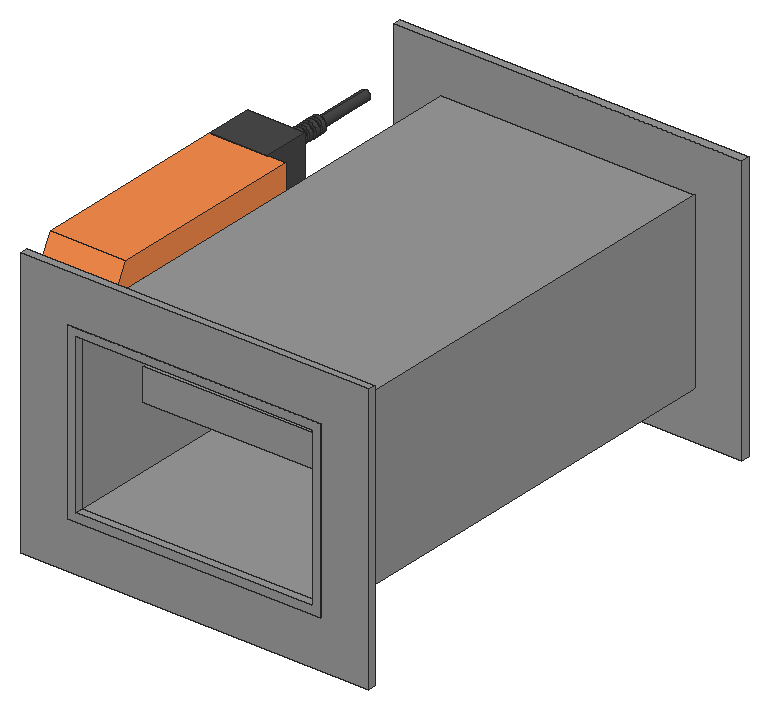
Revit family "Канальный прямоугольный SVK1-НО-ЕI60-C-MS220-0-Kb 24.02.26", category Арматура воздуховодов, Revit 2022
Family settings
  Размер круглого соединителя = Использовать диаметр
  Тип детали = Вставляется
  На основе рабочей плоскости = Нет
  Всегда вертикально = Нет
  При загрузке вырезать с полостями = Нет
  Общий = Да
Parameters (values of type "SVK1-НО-ЕI60-C-150x100-GO-H-MSR220-0-Kb")
  Ширина = 150 mm
  Число створок = 1
  Толщина заслонки = 20 mm  # constant formula
  Скорость воздуха в живом сечении = ADSK_Расход воздуха / Площадь живого сечения  # 45.0 m/s
  Скорость в канале = ADSK_Расход воздуха / Высота / Ширина  # 3.0 m/s
  Площадь живого сечения = 0.001 m²  # constant formula
  Привод внутри/снаружи [instance] = yes
  Привод 1 = Красный типовой
  Плотность воздуха = 1.2000 kg/m³  # constant formula
  Отметка по умолчанию = 0 mm
  Ось движка = 102.5 mm  # constant formula
  Материал = Сталь AISI 5210 517, горячекатаная
  КМС = 0  # 0.000
  З/2 = Высота / 2 / Число створок  # 50 mm
  Длина = 300 mm
  Высота привода = 123 mm  # constant formula
  Высота = 100 mm
  Вылет заслонки [instance] = yes
  Вылет Х = 103 mm  # constant formula
  Hed = Ширина + 123 mm  # 273 mm
  ADSK_Ток = 0.030 A  # constant formula
  ADSK_Расход воздуха = 162.0 m³/h
  ADSK_Примечание [instance] = ""
  ADSK_Предел огнестойкости = "60"  # constant formula
  ADSK_Потеря давления воздуха = КМС * ((Скорость в канале * Скорость в канале * Плотность воздуха) / 2)  # 0.0 Pa
  ADSK_Полная мощность = ADSK_Напряжение * ADSK_Ток  # 6.6 VA
  ADSK_Позиция на схеме [instance] = ""
  ADSK_Позиция [instance] = ""
  ADSK_Обозначение = "SVK1-НО-ЕI60-C"
  ADSK_Номинальная мощность = 5 W  # constant formula
  ADSK_Номер стояка [instance] = ""
  ADSK_Напряжение = 220 V  # constant formula
  ADSK_Наименование краткое = "SVK1-НО-ЕI60-C-150x100"
  ADSK_Наименование = "SVK1-НО-ЕI60-C-150x100-GO-H-MSR220-0-Kb"
  ADSK_Материал обозначение = "Противопожарный нормально закрытый канальный клапан прямоугольного сечения"  # constant formula
  ADSK_Материал наименование = ""
  ADSK_Масса_Текст = "1"
  ADSK_Масса = 0
  ADSK_Марка = "SVK1-НО-ЕI60-C"  # constant formula
  ADSK_Коэффициент мощности = 1
  ADSK_Количество фаз числовое = 1  # constant formula
  ADSK_Количество фаз = 1  # constant formula
  ADSK_Количество = 1  # constant formula
  ADSK_Код изделия = "SVK1-НО-ЕI60-C"  # constant formula
  ADSK_Классификация нагрузок = ОВК
  ADSK_Завод-изготовитель = "WAER"  # constant formula
  ADSK_Единица измерения = "шт."  # constant formula
  ADSK_URL страницы изделия = ""
  ADSK_URL документации изделия = ""
Reference planes
  plane 1 "По центру (Вперед/Назад)": y = 0
  plane 2: z = 0
  plane 3 "По центру (Влево/Вправо)": x = 0
  plane 4: x = -75
  plane 5: y = -150
  plane 6: x = 75
  plane 7: y = 150
  plane 8: z = 50
  plane 9: z = -50
  plane 10: x = -110
  plane 11: x = 110
  plane 12: z = 85
  plane 13: z = -85
  plane 14: y = 145
  plane 15: y = -145
  plane 16: x = -80
  plane 17: z = -55
  plane 18: x = 80
  plane 19: z = 55
  plane 20 "Заслонка Х": y = -97.5
  plane 21: y = -47.5
  plane 22 "Заслонка Х1": y = 2.5
  plane 23: x = -163
  plane 24: x = -114
  plane 25: z = 10
  plane 26: z = -10
Forms (mm)
  Extrusion 1, solid, material "Сталь AISI 5210 517, горячекатаная" <- "Материал", detail levels medium+fine
    sketch origin (0, 0, 0) x (1, 0, 0) y (0, 0, 1)
      loop
        line (-75, 50) -> (-75, -50) -> (75, -50) -> (75, 50) -> (-75, 50)
      loop
        line (-80, 55) -> (-80, -55) -> (80, -55) -> (80, 55) -> (-80, 55)
    from -150 to 150
  Extrusion 2, solid, material "Сталь AISI 5210 517, горячекатаная" <- "Материал", detail levels fine
    sketch origin (0, 0, 0) x (1, 0, 0) y (0, 0, 1)
      loop
        line (-110, 85) -> (-110, -85) -> (110, -85) -> (110, 85) -> (-110, 85)
      loop
        line (-75, 50) -> (-75, -50) -> (75, -50) -> (75, 50) -> (-75, 50)
    from 145 to 150
  Extrusion 3, solid, material "Сталь AISI 5210 517, горячекатаная" <- "Материал", detail levels fine
    sketch origin (0, 0, 0) x (1, 0, 0) y (0, 0, 1)
      loop
        line (-110, 85) -> (-110, -85) -> (110, -85) -> (110, 85) -> (-110, 85)
      loop
        line (-75, 50) -> (-75, -50) -> (75, -50) -> (75, 50) -> (-75, 50)
    from -150 to -145
  Extrusion 4, solid, material "Сталь AISI 5210 517, горячекатаная" <- "Материал", visible <- "Вылет заслонки", detail levels medium+fine
    sketch origin (0, 0, 0) x (1, 0, 0) y (0, 0, 1)
      loop
        line (-75, 10) -> (-75, -10) -> (75, -10) -> (75, 10) -> (-75, 10)
    from -2.5 to 97.5
  Extrusion 5, solid, material "Сталь AISI 5210 517, горячекатаная" <- "Материал", visible <- "Привод внутри/снаружи", detail levels medium+fine
    sketch origin (0, 0, 0) x (0, 1, 0) y (0, 0, 1)
      loop
        circle (-47.5, 0) r 25
    from -75 to -114
Dimensions and locks
  equal spacing: plane 4, plane 3 "По центру (Влево/Вправо)", plane 6
  equal spacing: plane 7, plane 1 "По центру (Вперед/Назад)", plane 5
  "Длина": plane 7 to plane 5
  equal spacing: plane 8, level, plane 9
  "Высота": plane 8 to plane 9
  "Ширина": plane 6 to plane 4
  equal spacing: plane 11, plane 3 "По центру (Влево/Вправо)", plane 10
  plane 11 to plane 6 = 35 mm
  equal spacing: plane 12, level, plane 13
  plane 12 to plane 8 = 35 mm
  equal spacing: plane 14, plane 1 "По центру (Вперед/Назад)", plane 15
  plane 15 to plane 5 = 5 mm
  plane 19 to plane 8 = 5 mm
  plane 9 to plane 17 = 5 mm
  plane 4 to plane 16 = 5 mm
  plane 18 to plane 6 = 5 mm
  "Ось движка": plane 21 to plane 5
  equal spacing: plane 22 "Заслонка Х1", plane 21, plane 20 "Заслонка Х"
  "З/2": plane 21 to plane 20 "Заслонка Х"
  "Hed": plane 11 to plane 23
  plane 24 to plane 23 = 49 mm
  equal spacing: plane 25, level, plane 26
  "Толщина заслонки": plane 25 to plane 26
  locked: plane 24 to nested 2
  plane 7 to plane 22 "Заслонка Х1" = 147.5 mm
  plane 20 "Заслонка Х" to plane 5 = 52.5 mm
  aligned and locked: level to plane 2
  aligned and locked: Extrusion 1 sketch curve to plane 8
  aligned and locked: plane 4 to Extrusion 1 sketch curve
  aligned and locked: plane 9 to Extrusion 1 sketch curve
  aligned and locked: Extrusion 1 sketch curve to plane 6
  aligned and locked: plane 7 to Extrusion 1
  aligned and locked: Extrusion 1 to plane 5
  aligned and locked: Extrusion 2 sketch curve to plane 12
  aligned and locked: plane 10 to Extrusion 2 sketch curve
  aligned and locked: plane 13 to Extrusion 2 sketch curve
  aligned and locked: Extrusion 2 sketch curve to plane 11
  aligned and locked: Extrusion 2 to plane 5
  aligned and locked: plane 15 to Extrusion 2
  aligned and locked: Extrusion 3 sketch curve to plane 11
  aligned and locked: plane 13 to Extrusion 3 sketch curve
  aligned and locked: plane 10 to Extrusion 3 sketch curve
  aligned and locked: Extrusion 3 sketch curve to plane 12
  aligned and locked: plane 7 to Extrusion 3
  aligned and locked: Extrusion 3 to plane 14
  aligned and locked: plane 4 to Extrusion 2 sketch curve
  aligned and locked: Extrusion 2 sketch curve to plane 8
  aligned and locked: Extrusion 2 sketch curve to plane 6
  aligned and locked: plane 9 to Extrusion 2 sketch curve
  aligned and locked: plane 19 to Extrusion 1 sketch curve
  aligned and locked: plane 17 to Extrusion 1 sketch curve
  aligned and locked: plane 16 to Extrusion 1 sketch curve
  aligned and locked: Extrusion 1 sketch curve to plane 18
  aligned and locked: Extrusion 3 sketch curve to plane 8
  aligned and locked: plane 4 to Extrusion 3 sketch curve
  aligned and locked: plane 9 to Extrusion 3 sketch curve
  aligned and locked: Extrusion 3 sketch curve to plane 6
  aligned and locked: plane 3 "По центру (Влево/Вправо)" to nested 1
  aligned and locked: plane 1 "По центру (Вперед/Назад)" to nested 1
  aligned and locked: Extrusion 4 to plane 20 "Заслонка Х"
  aligned and locked: plane 22 "Заслонка Х1" to Extrusion 4
  aligned and locked: plane 4 to Extrusion 4 sketch curve
  aligned and locked: Extrusion 4 sketch curve to plane 6
  aligned and locked: Extrusion 4 sketch curve to plane 25
  aligned and locked: plane 26 to Extrusion 4 sketch curve
  aligned and locked: plane 21 to Extrusion 5 sketch curve
  aligned and locked: level to Extrusion 5 sketch curve
  aligned and locked: Extrusion 5 to plane 24
  aligned and locked: plane 4 to Extrusion 5
  aligned and locked: plane 21 to nested 2
Automatic sketch dimensions
  radius of Extrusion 5 sketch curve = 25 mm
Nested families
  nested 1: "УГО Дымовой и противопожарный клапан" at (0, 0, 0), type "УГО Дымовой и противопожарный клапан", detail levels coarse
  nested 2: "Электропривод_верт_90" at (-174, -47.5, 0) x (0, 1, 0) z (0, 0, 1), visible <- "Привод внутри/снаружи", type "MS220", detail levels medium+fine
    with ADSK_Примечание "", ADSK_Позиция ""
Connectors
  hvac at (0, -150, 0), driven by "Высота", driven by "Ширина", driven by "ADSK_Расход воздуха", driven by "ADSK_Потеря давления воздуха"
    settings: on Extrusion 1, index 1, duct flow 162.0 m³/h, flow factor 0, pres drop 0.0 Pa, loss coef 0, conn angle 0.00°, conn width 150 mm, conn height 100 mm, conn diameter 609.6 mm, duct sys type 29, conn prof type 1, flow config 0, flow direction 0, loss method 4, conn ref index 2, conn util no, is conn primary yes, conn desc ""
  hvac at (0, 150, 0), driven by "Высота", driven by "Ширина", driven by "ADSK_Расход воздуха", driven by "ADSK_Потеря давления воздуха"
    settings: on Extrusion 1, index 2, duct flow 162.0 m³/h, flow factor 0, pres drop 0.0 Pa, loss coef 0, conn angle 0.00°, conn width 150 mm, conn height 100 mm, conn diameter 609.6 mm, duct sys type 29, conn prof type 1, flow config 0, flow direction 0, loss method 4, conn ref index 1, conn util no, is conn primary no, conn desc ""
  electrical at (-144, 115.058, -24.076)
    settings: on nested 2, index 3, voltage 0 V, apparent load 0 VA, apparent load phase1 0 VA, apparent load phase2 0 VA, apparent load phase3 0 VA, power factor 1, load classification "Прочее", number of poles 1, system type 13, power factor state 1, is connector primary yes, connector utility no, sub classification motor no, connector description ""
Definition of nested family "Электропривод_верт_90"
  Parameters (values of type "BFL230")
    Ширина центра = 50 mm
    Соединение = "1 м, 2 × 0,75 мм2"
    Default Elevation = 0 mm
    Description = "с пружинным возвратом/конденсатором"  # constant formula
    Межосевое подключение = 48 mm
    Корпус_x = none
    Клеммы = none
    Звездочка = Высота + 1 mm  # 49 mm
    Длина корпуса = 160 mm
    ГШ = 80 mm
    Высота = 48 mm
    Выс подкл = Высота - 18 mm  # 30 mm
    ADSK_Ток = 4.000 A
    ADSK_Примечание [instance] = ""
    ADSK_Предел огнестойкости = ""
    ADSK_Полная мощность = 6.5 VA
    ADSK_Позиция [instance] = ""
    ADSK_Обозначение = ""
    ADSK_Номинальная мощность = 3 W
    ADSK_Напряжение = 230 V
    ADSK_Наименование краткое = ""
    ADSK_Наименование = ""
    ADSK_Материал обозначение = ""
    ADSK_Материал наименование = ""
    ADSK_Масса_Текст = "1,1 кг"
    ADSK_Масса = 1.1  # constant formula
    ADSK_Марка = "BFL24"  # constant formula
    ADSK_Коэффициент мощности = 1
    ADSK_Количество фаз числовое = 1
    ADSK_Количество фаз = 1
    ADSK_Количество = 1  # constant formula
    ADSK_Код изделия = "BFL24"  # constant formula
    ADSK_Классификация нагрузок = none
    ADSK_Завод-изготовитель = "BELIMO"  # constant formula
    ADSK_Единица измерения = "шт."  # constant formula
    ADSK_URL страницы изделия = ""
    ADSK_URL документации изделия = ""
  Types (2, lengths in mm): name | ADSK_Ток | ADSK_Полная мощность | ADSK_Номинальная мощность | ADSK_Напряжение
    BFL230 | 4.000 A | 6.5 VA | 3 W | 230 V
    BFL24 | 8.300 A | 4 VA | 2.5 W | 24 V
  Reference planes
    plane 1 "По центру (Вперед/Назад)": y = 0
    plane 2: z = 0
    plane 3 "По центру (Влево/Вправо)": x = 0
    plane 4: x = -22.439
    plane 5: x = 137.561
    plane 6: z = -40.076
    plane 7: z = 39.924
    plane 8: z = -25.076
    plane 9: z = 24.924
    plane 10: x = 112.561
    plane 11: z = -40.076
    plane 12: z = 39.924
    plane 13: x = 142.561
    plane 14: y = -48
    plane 15: x = -24
    plane 16: x = 24
    plane 17: x = 212.561
    plane 18: x = 157.561
    plane 19: x = 177.561
    plane 20: x = 212.561
    plane 21: x = 157.561
    plane 22: x = 177.561
    plane 23: y = -30
  Forms (mm)
    Extrusion 1, solid, material <- "Корпус_x", detail levels medium+fine
      sketch origin (-0.439, -60, -0.076) x (0, 0, 1) y (1, 0, 0)
        loop
          line (-25, -22) -> (25, -22) -> (40, -13.34) -> (40, 113) -> (10, 113) -> (10, 138) -> (-10, 138) -> (-10, 113) -> (-40, 113) -> (-40, -13.34) -> (-25, -22)
      from 0 to 48 <- "Высота"
    Extrusion 2, solid, material <- "Клеммы", detail levels medium+fine
      sketch origin (-0.439, -60, -0.076) x (0, 0, 1) y (1, 0, 0)
        loop
          line (-40, 143) -> (-40, 113) -> (-10, 113) -> (-10, 143) -> (-40, 143)
        loop
          line (10, 143) -> (10, 113) -> (40, 113) -> (40, 143) -> (10, 143)
      from 12 to 48
    Extrusion 3, solid, material <- "Клеммы", detail levels fine
      sketch origin (-0.439, -60, -0.076) x (0, 0, 1) y (1, 0, 0)
        loop
          circle (0, 0) r 20
        loop
          circle (0, 0) r 15
        loop
          line (10.43, -6.022) -> (10.43, 6.022) -> (0, 12.043) -> (-10.43, 6.022) -> (-10.43, -6.022) -> (0, -12.043) -> (10.43, -6.022)
      from 48 <- "Высота" to 49 <- "Звездочка"
    Revolve 4, solid, material <- "Клеммы", detail levels fine
      sketch origin (-1524.439, -30, -101.97) x (0, 0, -1) y (-1, 0, 0)
        loop
          line (-77.895, -1667) -> (-77.895, -1737) -> (-74.82, -1737) -> (-74.82, -1702) -> (-72.813, -1699.633) -> (-72.813, -1697.089) -> (-74.82, -1697.089) -> (-74.82, -1694.582) -> (-72.813, -1694.582) -> (-72.813, -1692.082) -> (-74.82, -1692.082) -> (-74.82, -1689.54) -> (-72.813, -1689.54) -> (-72.813, -1686.997) -> (-74.82, -1686.997) -> (-74.82, -1684.455) -> (-72.813, -1684.455) -> (-72.813, -1682) -> (-70.754, -1669.002)
          arc (-70.754, -1669.002) -> (-69.64, -1667.55) -> (-67.895, -1667) r 3.043
          line (-67.895, -1667) -> (-77.895, -1667)
        axis (-77.895, -1737) -> (-77.895, -1667)
      angle from 0 to 360
    Revolve 5, solid, material <- "Клеммы", detail levels fine
      sketch origin (-1524.439, -30, -101.97) x (0, 0, -1) y (-1, 0, 0)
        loop
          line (-125.895, -1667) -> (-125.895, -1737) -> (-122.82, -1737) -> (-122.82, -1702) -> (-120.813, -1699.633) -> (-120.813, -1697.089) -> (-122.82, -1697.089) -> (-122.82, -1694.582) -> (-120.813, -1694.582) -> (-120.813, -1692.082) -> (-122.82, -1692.082) -> (-122.82, -1689.54) -> (-120.813, -1689.54) -> (-120.813, -1686.997) -> (-122.82, -1686.997) -> (-122.82, -1684.455) -> (-120.813, -1684.455) -> (-120.813, -1682) -> (-118.754, -1669.002)
          arc (-118.754, -1669.002) -> (-117.64, -1667.55) -> (-115.895, -1667) r 3.043
          line (-115.895, -1667) -> (-125.895, -1667)
        axis (-125.895, -1737) -> (-125.895, -1667)
      angle from 0 to 360
  Dimensions and locks
    "Длина корпуса": plane 5 to plane 4
    plane 6 to plane 7 = 80 mm
    "ГШ": plane 6 to plane 7
    plane 8 to plane 9 = 50 mm
    "Ширина центра": plane 8 to plane 9
    plane 5 to plane 10 = 25 mm
    plane 13 to Extrusion 1 = 30 mm
    plane 11 to plane 12 = 80 mm
    "ГШ": plane 11 to plane 12
    Extrusion 1 to plane 14 = 36 mm
    equal spacing: plane 15, plane 3 "По центру (Влево/Вправо)", plane 16
    "Межосевое подключение": plane 15 to plane 16
    plane 17 to Extrusion 2 = 70 mm
    Extrusion 1 to plane 18 = 180 mm
    plane 17 to plane 19 = 35 mm
    plane 20 to plane 22 = 35 mm
    "Выс подкл": plane 1 "По центру (Вперед/Назад)" to plane 23
    angle plane 4 to Extrusion 1 sketch curve = 30.00°
    angle Extrusion 1 sketch curve to plane 4 = 30.00°
    aligned and locked: level to plane 2
    aligned and locked: Extrusion 1 sketch curve to plane 4
    aligned and locked: plane 7 to Extrusion 1 sketch curve  (x2)
    aligned and locked: plane 6 to Extrusion 1 sketch curve  (x2)
    aligned and locked: Extrusion 1 sketch curve to plane 10
    aligned and locked: plane 10 to Extrusion 1 sketch curve  (x3)
    aligned and locked: plane 5 to Extrusion 1 sketch curve  (x2)
    aligned and locked: Extrusion 2 sketch curve to plane 13  (x2)
    aligned and locked: plane 11 to Extrusion 2 sketch curve
    aligned and locked: Extrusion 2 sketch curve to Extrusion 1  (x2)
    aligned and locked: Extrusion 2 sketch curve to plane 12
    aligned and locked: Extrusion 2 to plane 14
    aligned and locked: Extrusion 1 to Extrusion 2
    aligned and locked: Extrusion 2 to Revolve 4 sketch curve
    aligned and locked: Revolve 4 sketch curve to plane 17
    aligned and locked: plane 19 to Revolve 4 sketch curve
    aligned and locked: plane 18 to Revolve 4 sketch curve
    aligned and locked: Revolve 5 sketch curve to plane 20
    aligned and locked: plane 22 to Revolve 5 sketch curve
    aligned and locked: plane 21 to Revolve 5 sketch curve
  Automatic sketch dimensions
    Extrusion 3 sketch curve to Extrusion 3 sketch curve = 0 mm  (x2)
    Extrusion 3 sketch curve to level = 10.505 mm
    Extrusion 3 sketch curve to level = 0.076 mm  (x3)
    level to Extrusion 3 sketch curve = 10.354 mm
    plane 15 to Extrusion 3 sketch curve = 11.518 mm
    Extrusion 3 sketch curve to Extrusion 3 sketch curve = 6.022 mm  (x5)
    Extrusion 3 sketch curve to Extrusion 3 sketch curve = 12.043 mm
    Revolve 4 sketch curve to level = 24.076 mm  (x2)
    Revolve 4 sketch curve to Revolve 4 sketch curve = 3.075 mm
    plane 18 to Revolve 4 sketch curve = 2.455 mm
    Revolve 4 sketch curve to Revolve 4 sketch curve = 0 mm  (x3)
    plane 15 to Revolve 4 sketch curve = 189.101 mm
    Revolve 4 sketch curve to Revolve 4 sketch curve = 2.007 mm  (x4)
    Revolve 4 sketch curve to plane 18 = 12.998 mm
    Revolve 4 sketch curve to Revolve 4 sketch curve = 7.141 mm
    Revolve 4 sketch curve to Revolve 4 sketch curve = 2.859 mm
    Revolve 4 sketch curve to plane 19 = 2.367 mm
    Revolve 4 sketch curve to Revolve 4 sketch curve = 2.544 mm
    Revolve 4 sketch curve to Revolve 4 sketch curve = 2.507 mm
    Revolve 4 sketch curve to Revolve 4 sketch curve = 2.5 mm
    plane 15 to Revolve 4 sketch curve = 186.558 mm
    plane 16 to Revolve 4 sketch curve = 198.683 mm
    Revolve 4 sketch curve to Revolve 4 sketch curve = 41.798 mm
    Revolve 5 sketch curve to plane 21 = 15 mm
    level to Revolve 5 sketch curve = 23.924 mm  (x2)
    Revolve 5 sketch curve to Revolve 5 sketch curve = 3.075 mm
    plane 21 to Revolve 5 sketch curve = 2.455 mm
    Revolve 5 sketch curve to Revolve 5 sketch curve = 0 mm  (x3)
    plane 15 to Revolve 5 sketch curve = 189.101 mm
    Revolve 5 sketch curve to Revolve 5 sketch curve = 2.007 mm  (x4)
    Revolve 5 sketch curve to Revolve 5 sketch curve = 7.141 mm
    Revolve 5 sketch curve to Revolve 5 sketch curve = 2.859 mm
    Revolve 5 sketch curve to plane 22 = 2.367 mm
    Revolve 5 sketch curve to Revolve 5 sketch curve = 2.544 mm
    Revolve 5 sketch curve to Revolve 5 sketch curve = 2.507 mm
    Revolve 5 sketch curve to Revolve 5 sketch curve = 2.5 mm
    plane 15 to Revolve 5 sketch curve = 186.558 mm
    Revolve 5 sketch curve to Revolve 5 sketch curve = 3.043 mm
    plane 16 to Revolve 5 sketch curve = 198.683 mm
    Revolve 5 sketch curve to Revolve 5 sketch curve = 41.798 mm
    Extrusion 1 sketch curve to plane 8 = 0 mm
    Extrusion 1 sketch curve to plane 9 = 0 mm
    Extrusion 1 sketch curve to level = 10.076 mm
    level to Extrusion 1 sketch curve = 9.924 mm
    Extrusion 2 sketch curve to level = 10.076 mm
    level to Extrusion 2 sketch curve = 9.924 mm
    radius of Extrusion 3 sketch curve = 20 mm
    radius of Extrusion 3 sketch curve = 15 mm
Definition of nested family "УГО Дымовой и противопожарный клапан"
  Parameters (values of type "УГО Дымовой и противопожарный клапан")
    Ширина = 1100 mm
    Угол = atan(Высота / Ширина)  # 8.53077°
    Рад = Д / 2  # 20.625 mm
    Отступ2 = Рад / cos(Угол)  # 20.856 mm
    Отступ1 = Рад / sin(Угол)  # 139.038 mm
    Default Elevation = 0 mm
    Д = Высота * 0.25  # 41.25 mm
    Высота = 165 mm
  Reference planes
    plane 1 "По центру (Вперед/Назад)": y = 0
    plane 2: z = 0
    plane 3 "По центру (Влево/Вправо)": x = 0
    plane 4: x = -550
    plane 5: y = -82.5
    plane 6: x = 550
    plane 7: y = 82.5
    plane 8: x = 410.962
    plane 9: x = -410.962
    plane 10: y = 61.644
    plane 11: y = -61.644
  Lines and regions (mm)
    model lines
      curve 1: line (-550, 82.5, 0) -> (550, 82.5, 0)
      curve 2: line (-550, -82.5, 0) -> (-550, 82.5, 0)
      curve 3: line (550, -82.5, 0) -> (-550, -82.5, 0)
      curve 4: line (550, 82.5, 0) -> (550, -82.5, 0)
      curve 5: circle (0, 0, 0) r 20.625 normal (0, 0, 1)
      curve 6: line (-550, 82.5, 0) -> (550, -82.5, 0)
      curve 7: line (410.962, -82.5, 0) -> (-550, 61.644, 0)
      curve 8: line (550, -61.644, 0) -> (-410.962, 82.5, 0)
  Dimensions and locks
    equal spacing: plane 7, plane 1 "По центру (Вперед/Назад)", plane 5
    equal spacing: plane 4, plane 3 "По центру (Влево/Вправо)", plane 6
    "Ширина": plane 4 to plane 6
    "Высота": plane 7 to plane 5
    "Отступ1": plane 8 to plane 6
    "Отступ2": plane 7 to plane 10
    "Отступ2": plane 11 to plane 5
    "Отступ1": plane 4 to plane 9
    "Д": diameter of curve 5
    aligned and locked: level to plane 2
    aligned and locked: curve 1 to plane 7
    aligned and locked: plane 4 to curve 2
    aligned and locked: plane 5 to curve 3
    aligned and locked: curve 4 to plane 6
    aligned and locked: plane 3 "По центру (Влево/Вправо)" to curve 5
    aligned and locked: plane 1 "По центру (Вперед/Назад)" to curve 5
  Automatic sketch dimensions
    curve 8 to plane 9 = 0 mm
    curve 7 to plane 8 = 0 mm
    curve 8 to plane 11 = 0 mm
    curve 7 to plane 10 = 0 mm
Types (146, lengths in mm): name | Ширина | Число створок | Скорость воздуха в живом сечении | Скорость в канале | З/2 | Высота | Hed | ADSK_Расход воздуха | ADSK_Наименование краткое | ADSK_Наименование
  SVK1-НО-ЕI60-C-100x100-GO-H-MSR220-0-Kb | 505 | 1 | 675.0 m/s | 2.9703 m/s | 225 | 450 | 628 | 2430.0 m³/h | "SVK1-НО-ЕI60-C-500x450" | "SVK1-НО-ЕI60-C-500x450-GO-H-MSR220-0-Kb"
  SVK1-НО-ЕI60-C-150x100-GO-H-MSR220-0-Kb | 150 | 1 | 45.0 m/s | 3.0 m/s | 50 | 100 | 273 | 162.0 m³/h | "SVK1-НО-ЕI60-C-150x100" | "SVK1-НО-ЕI60-C-150x100-GO-H-MSR220-0-Kb"
  SVK1-НО-ЕI60-C-150x150-GO-H-MSR220-0-Kb | 150 | 1 | 67.5 m/s | 3.0 m/s | 75 | 150 | 273 | 243.0 m³/h | "SVK1-НО-ЕI60-C-150x150" | "SVK1-НО-ЕI60-C-150x150-GO-H-MSR220-0-Kb"
  SVK1-НО-ЕI60-C-200x100-GO-H-MSR220-0-Kb | 200 | 1 | 60.0 m/s | 3.0 m/s | 50 | 100 | 323 | 216.0 m³/h | "SVK1-НО-ЕI60-C-200x100" | "SVK1-НО-ЕI60-C-200x100-GO-H-MSR220-0-Kb"
  SVK1-НО-ЕI60-C-200x150-GO-H-MSR220-0-Kb | 200 | 1 | 90.0 m/s | 3.0 m/s | 75 | 150 | 323 | 324.0 m³/h | "SVK1-НО-ЕI60-C-200x150" | "SVK1-НО-ЕI60-C-200x150-GO-H-MSR220-0-Kb"
  SVK1-НО-ЕI60-C-200x200-GO-H-MSR220-0-Kb | 200 | 1 | 120.0 m/s | 3.0 m/s | 100 | 200 | 323 | 432.0 m³/h | "SVK1-НО-ЕI60-C-200x200" | "SVK1-НО-ЕI60-C-200x200-GO-H-MSR220-0-Kb"
  SVK1-НО-ЕI60-C-250x100-GO-H-MSR220-0-Kb | 250 | 1 | 75.0 m/s | 3.0 m/s | 50 | 100 | 373 | 270.0 m³/h | "SVK1-НО-ЕI60-C-250x100" | "SVK1-НО-ЕI60-C-250x100-GO-H-MSR220-0-Kb"
  SVK1-НО-ЕI60-C-250x150-GO-H-MSR220-0-Kb | 250 | 1 | 112.5 m/s | 3.0 m/s | 75 | 150 | 373 | 405.0 m³/h | "SVK1-НО-ЕI60-C-250x150" | "SVK1-НО-ЕI60-C-250x150-GO-H-MSR220-0-Kb"
  SVK1-НО-ЕI60-C-250x200-GO-H-MSR220-0-Kb | 250 | 1 | 150.0 m/s | 3.0 m/s | 100 | 200 | 373 | 540.0 m³/h | "SVK1-НО-ЕI60-C-250x200" | "SVK1-НО-ЕI60-C-250x200-GO-H-MSR220-0-Kb"
  SVK1-НО-ЕI60-C-250x250-GO-H-MSR220-0-Kb | 250 | 1 | 187.5 m/s | 3.0 m/s | 125 | 250 | 373 | 675.0 m³/h | "SVK1-НО-ЕI60-C-250x250" | "SVK1-НО-ЕI60-C-250x250-GO-H-MSR220-0-Kb"
  SVK1-НО-ЕI60-C-300x100-GO-H-MSR220-0-Kb | 300 | 1 | 90.0 m/s | 3.0 m/s | 50 | 100 | 423 | 324.0 m³/h | "SVK1-НО-ЕI60-C-300x100" | "SVK1-НО-ЕI60-C-300x100-GO-H-MSR220-0-Kb"
  SVK1-НО-ЕI60-C-300x150-GO-H-MSR220-0-Kb | 300 | 1 | 135.0 m/s | 3.0 m/s | 75 | 150 | 423 | 486.0 m³/h | "SVK1-НО-ЕI60-C-300x150" | "SVK1-НО-ЕI60-C-300x150-GO-H-MSR220-0-Kb"
  SVK1-НО-ЕI60-C-300x200-GO-H-MSR220-0-Kb | 300 | 1 | 180.0 m/s | 3.0 m/s | 100 | 200 | 423 | 648.0 m³/h | "SVK1-НО-ЕI60-C-300x200" | "SVK1-НО-ЕI60-C-300x200-GO-H-MSR220-0-Kb"
  SVK1-НО-ЕI60-C-300x250-GO-H-MSR220-0-Kb | 300 | 1 | 225.0 m/s | 3.0 m/s | 125 | 250 | 423 | 810.0 m³/h | "SVK1-НО-ЕI60-C-300x250" | "SVK1-НО-ЕI60-C-300x250-GO-H-MSR220-0-Kb"
  SVK1-НО-ЕI60-C-300x300-GO-H-MSR220-0-Kb | 300 | 1 | 270.0 m/s | 3.0 m/s | 150 | 300 | 423 | 972.0 m³/h | "SVK1-НО-ЕI60-C-300x300" | "SVK1-НО-ЕI60-C-300x300-GO-H-MSR220-0-Kb"
  SVK1-НО-ЕI60-C-350x150-GO-H-MSR220-0-Kb | 350 | 1 | 157.5 m/s | 3.0 m/s | 75 | 150 | 473 | 567.0 m³/h | "SVK1-НО-ЕI60-C-350x150" | "SVK1-НО-ЕI60-C-350x150-GO-H-MSR220-0-Kb"
  SVK1-НО-ЕI60-C-350x200-GO-H-MSR220-0-Kb | 350 | 1 | 210.0 m/s | 3.0 m/s | 100 | 200 | 473 | 756.0 m³/h | "SVK1-НО-ЕI60-C-350x200" | "SVK1-НО-ЕI60-C-350x200-GO-H-MSR220-0-Kb"
  SVK1-НО-ЕI60-C-350x250-GO-H-MSR220-0-Kb | 350 | 1 | 262.5 m/s | 3.0 m/s | 125 | 250 | 473 | 945.0 m³/h | "SVK1-НО-ЕI60-C-350x250" | "SVK1-НО-ЕI60-C-350x250-GO-H-MSR220-0-Kb"
  SVK1-НО-ЕI60-C-350x300-GO-H-MSR220-0-Kb | 350 | 1 | 315.0 m/s | 3.0 m/s | 150 | 300 | 473 | 1134.0 m³/h | "SVK1-НО-ЕI60-C-350x300" | "SVK1-НО-ЕI60-C-350x300-GO-H-MSR220-0-Kb"
  SVK1-НО-ЕI60-C-350x350-GO-H-MSR220-0-Kb | 350 | 1 | 367.5 m/s | 3.0 m/s | 175 | 350 | 473 | 1323.0 m³/h | "SVK1-НО-ЕI60-C-350x350" | "SVK1-НО-ЕI60-C-350x350-GO-H-MSR220-0-Kb"
  SVK1-НО-ЕI60-C-400x150-GO-H-MSR220-0-Kb | 400 | 1 | 180.0 m/s | 3.0 m/s | 75 | 150 | 523 | 648.0 m³/h | "SVK1-НО-ЕI60-C-400x150" | "SVK1-НО-ЕI60-C-400x150-GO-H-MSR220-0-Kb"
  SVK1-НО-ЕI60-C-400x200-GO-H-MSR220-0-Kb | 400 | 1 | 240.0 m/s | 3.0 m/s | 100 | 200 | 523 | 864.0 m³/h | "SVK1-НО-ЕI60-C-400x200" | "SVK1-НО-ЕI60-C-400x200-GO-H-MSR220-0-Kb"
  SVK1-НО-ЕI60-C-400x250-GO-H-MSR220-0-Kb | 400 | 1 | 300.0 m/s | 3.0 m/s | 125 | 250 | 523 | 1080.0 m³/h | "SVK1-НО-ЕI60-C-400x250" | "SVK1-НО-ЕI60-C-400x250-GO-H-MSR220-0-Kb"
  SVK1-НО-ЕI60-C-400x300-GO-H-MSR220-0-Kb | 400 | 1 | 360.0 m/s | 3.0 m/s | 150 | 300 | 523 | 1296.0 m³/h | "SVK1-НО-ЕI60-C-400x300" | "SVK1-НО-ЕI60-C-400x300-GO-H-MSR220-0-Kb"
  SVK1-НО-ЕI60-C-400x350-GO-H-MSR220-0-Kb | 400 | 1 | 420.0 m/s | 3.0 m/s | 175 | 350 | 523 | 1512.0 m³/h | "SVK1-НО-ЕI60-C-400x350" | "SVK1-НО-ЕI60-C-400x350-GO-H-MSR220-0-Kb"
  SVK1-НО-ЕI60-C-400x400-GO-H-MSR220-0-Kb | 400 | 1 | 480.0 m/s | 3.0 m/s | 200 | 400 | 523 | 1728.0 m³/h | "SVK1-НО-ЕI60-C-400x400" | "SVK1-НО-ЕI60-C-400x400-GO-H-MSR220-0-Kb"
  SVK1-НО-ЕI60-C-450x150-GO-H-MSR220-0-Kb | 450 | 1 | 202.5 m/s | 3.0 m/s | 75 | 150 | 573 | 729.0 m³/h | "SVK1-НО-ЕI60-C-450x150" | "SVK1-НО-ЕI60-C-450x150-GO-H-MSR220-0-Kb"
  SVK1-НО-ЕI60-C-450x200-GO-H-MSR220-0-Kb | 450 | 1 | 270.0 m/s | 3.0 m/s | 100 | 200 | 573 | 972.0 m³/h | "SVK1-НО-ЕI60-C-450x200" | "SVK1-НО-ЕI60-C-450x200-GO-H-MSR220-0-Kb"
  SVK1-НО-ЕI60-C-450x250-GO-H-MSR220-0-Kb | 450 | 1 | 337.5 m/s | 3.0 m/s | 125 | 250 | 573 | 1215.0 m³/h | "SVK1-НО-ЕI60-C-450x250" | "SVK1-НО-ЕI60-C-450x250-GO-H-MSR220-0-Kb"
  SVK1-НО-ЕI60-C-450x300-GO-H-MSR220-0-Kb | 450 | 1 | 405.0 m/s | 3.0 m/s | 150 | 300 | 573 | 1458.0 m³/h | "SVK1-НО-ЕI60-C-450x300" | "SVK1-НО-ЕI60-C-450x300-GO-H-MSR220-0-Kb"
  SVK1-НО-ЕI60-C-450x350-GO-H-MSR220-0-Kb | 450 | 1 | 472.5 m/s | 3.0 m/s | 175 | 350 | 573 | 1701.0 m³/h | "SVK1-НО-ЕI60-C-450x350" | "SVK1-НО-ЕI60-C-450x350-GO-H-MSR220-0-Kb"
  SVK1-НО-ЕI60-C-450x400-GO-H-MSR220-0-Kb | 450 | 1 | 540.0 m/s | 3.0 m/s | 200 | 400 | 573 | 1944.0 m³/h | "SVK1-НО-ЕI60-C-450x400" | "SVK1-НО-ЕI60-C-450x400-GO-H-MSR220-0-Kb"
  SVK1-НО-ЕI60-C-450x450-GO-H-MSR220-0-Kb | 450 | 1 | 607.5 m/s | 3.0 m/s | 225 | 450 | 573 | 2187.0 m³/h | "SVK1-НО-ЕI60-C-450x450" | "SVK1-НО-ЕI60-C-450x450-GO-H-MSR220-0-Kb"
  SVK1-НО-ЕI60-C-500x150-GO-H-MSR220-0-Kb | 500 | 1 | 225.0 m/s | 3.0 m/s | 75 | 150 | 623 | 810.0 m³/h | "SVK1-НО-ЕI60-C-500x150" | "SVK1-НО-ЕI60-C-500x150-GO-H-MSR220-0-Kb"
  SVK1-НО-ЕI60-C-500x200-GO-H-MSR220-0-Kb | 500 | 1 | 300.0 m/s | 3.0 m/s | 100 | 200 | 623 | 1080.0 m³/h | "SVK1-НО-ЕI60-C-500x200" | "SVK1-НО-ЕI60-C-500x200-GO-H-MSR220-0-Kb"
  SVK1-НО-ЕI60-C-500x250-GO-H-MSR220-0-Kb | 500 | 1 | 375.0 m/s | 3.0 m/s | 125 | 250 | 623 | 1350.0 m³/h | "SVK1-НО-ЕI60-C-500x250" | "SVK1-НО-ЕI60-C-500x250-GO-H-MSR220-0-Kb"
  SVK1-НО-ЕI60-C-500x300-GO-H-MSR220-0-Kb | 500 | 1 | 450.0 m/s | 3.0 m/s | 150 | 300 | 623 | 1620.0 m³/h | "SVK1-НО-ЕI60-C-500x300" | "SVK1-НО-ЕI60-C-500x300-GO-H-MSR220-0-Kb"
  SVK1-НО-ЕI60-C-500x350-GO-H-MSR220-0-Kb | 500 | 1 | 525.0 m/s | 3.0 m/s | 175 | 350 | 623 | 1890.0 m³/h | "SVK1-НО-ЕI60-C-500x350" | "SVK1-НО-ЕI60-C-500x350-GO-H-MSR220-0-Kb"
  SVK1-НО-ЕI60-C-500x400-GO-H-MSR220-0-Kb | 500 | 1 | 600.0 m/s | 3.0 m/s | 200 | 400 | 623 | 2160.0 m³/h | "SVK1-НО-ЕI60-C-500x400" | "SVK1-НО-ЕI60-C-500x400-GO-H-MSR220-0-Kb"
  SVK1-НО-ЕI60-C-500x450-GO-H-MSR220-0-Kb | 505 | 1 | 675.0 m/s | 2.9703 m/s | 225 | 450 | 628 | 2430.0 m³/h | "SVK1-НО-ЕI60-C-500x450" | "SVK1-НО-ЕI60-C-500x450-GO-H-MSR220-0-Kb"
  SVK1-НО-ЕI60-C-500x500-GO-H-MSR220-0-Kb | 500 | 1 | 750.0 m/s | 3.0 m/s | 250 | 500 | 623 | 2700.0 m³/h | "SVK1-НО-ЕI60-C-500x500" | "SVK1-НО-ЕI60-C-500x500-GO-H-MSR220-0-Kb"
  SVK1-НО-ЕI60-C-550x200-GO-H-MSR220-0-Kb | 550 | 1 | 330.0 m/s | 3.0 m/s | 100 | 200 | 673 | 1188.0 m³/h | "SVK1-НО-ЕI60-C-550x200" | "SVK1-НО-ЕI60-C-550x200-GO-H-MSR220-0-Kb"
  SVK1-НО-ЕI60-C-550x250-GO-H-MSR220-0-Kb | 550 | 1 | 412.5 m/s | 3.0 m/s | 125 | 250 | 673 | 1485.0 m³/h | "SVK1-НО-ЕI60-C-550x250" | "SVK1-НО-ЕI60-C-550x250-GO-H-MSR220-0-Kb"
  SVK1-НО-ЕI60-C-550x300-GO-H-MSR220-0-Kb | 550 | 1 | 495.0 m/s | 3.0 m/s | 150 | 300 | 673 | 1782.0 m³/h | "SVK1-НО-ЕI60-C-550x300" | "SVK1-НО-ЕI60-C-550x300-GO-H-MSR220-0-Kb"
  SVK1-НО-ЕI60-C-550x350-GO-H-MSR220-0-Kb | 550 | 1 | 577.5 m/s | 3.0 m/s | 175 | 350 | 673 | 2079.0 m³/h | "SVK1-НО-ЕI60-C-550x350" | "SVK1-НО-ЕI60-C-550x350-GO-H-MSR220-0-Kb"
  SVK1-НО-ЕI60-C-550x400-GO-H-MSR220-0-Kb | 550 | 1 | 660.0 m/s | 3.0 m/s | 200 | 400 | 673 | 2376.0 m³/h | "SVK1-НО-ЕI60-C-550x400" | "SVK1-НО-ЕI60-C-550x400-GO-H-MSR220-0-Kb"
  SVK1-НО-ЕI60-C-550x450-GO-H-MSR220-0-Kb | 550 | 1 | 742.5 m/s | 3.0 m/s | 225 | 450 | 673 | 2673.0 m³/h | "SVK1-НО-ЕI60-C-550x450" | "SVK1-НО-ЕI60-C-550x450-GO-H-MSR220-0-Kb"
  SVK1-НО-ЕI60-C-550x500-GO-H-MSR220-0-Kb | 550 | 1 | 825.0 m/s | 3.0 m/s | 250 | 500 | 673 | 2970.0 m³/h | "SVK1-НО-ЕI60-C-550x500" | "SVK1-НО-ЕI60-C-550x500-GO-H-MSR220-0-Kb"
  SVK1-НО-ЕI60-C-550x550-GO-H-MSR220-0-Kb | 550 | 1 | 907.5 m/s | 3.0 m/s | 275 | 550 | 673 | 3267.0 m³/h | "SVK1-НО-ЕI60-C-550x550" | "SVK1-НО-ЕI60-C-550x550-GO-H-MSR220-0-Kb"
  SVK1-НО-ЕI60-C-600x200-GO-H-MSR220-0-Kb | 600 | 1 | 360.0 m/s | 3.0 m/s | 100 | 200 | 723 | 1296.0 m³/h | "SVK1-НО-ЕI60-C-600x200-GO-H-MSR220-0-Kb" | "SVK1-НО-ЕI60-C-600x200-GO-H-MSR220-0-Kb"
  SVK1-НО-ЕI60-C-600x250-GO-H-MSR220-0-Kb | 600 | 1 | 450.0 m/s | 3.0 m/s | 125 | 250 | 723 | 1620.0 m³/h | "SVK1-НО-ЕI60-C-600x250" | "SVK1-НО-ЕI60-C-600x250-GO-H-MSR220-0-Kb"
  SVK1-НО-ЕI60-C-600x300-GO-H-MSR220-0-Kb | 600 | 1 | 540.0 m/s | 3.0 m/s | 150 | 300 | 723 | 1944.0 m³/h | "SVK1-НО-ЕI60-C-600x300" | "SVK1-НО-ЕI60-C-600x300-GO-H-MSR220-0-Kb"
  SVK1-НО-ЕI60-C-600x350-GO-H-MSR220-0-Kb | 600 | 1 | 630.0 m/s | 3.0 m/s | 175 | 350 | 723 | 2268.0 m³/h | "SVK1-НО-ЕI60-C-600x350" | "SVK1-НО-ЕI60-C-600x350-GO-H-MSR220-0-Kb"
  SVK1-НО-ЕI60-C-600x400-GO-H-MSR220-0-Kb | 600 | 1 | 720.0 m/s | 3.0 m/s | 200 | 400 | 723 | 2592.0 m³/h | "SVK1-НО-ЕI60-C-600x400" | "SVK1-НО-ЕI60-C-600x400-GO-H-MSR220-0-Kb"
  SVK1-НО-ЕI60-C-600x450-GO-H-MSR220-0-Kb | 600 | 1 | 810.0 m/s | 3.0 m/s | 225 | 450 | 723 | 2916.0 m³/h | "SVK1-НО-ЕI60-C-600x450" | "SVK1-НО-ЕI60-C-600x450-GO-H-MSR220-0-Kb"
  SVK1-НО-ЕI60-C-600x500-GO-H-MSR220-0-Kb | 600 | 1 | 900.0 m/s | 3.0 m/s | 250 | 500 | 723 | 3240.0 m³/h | "SVK1-НО-ЕI60-C-600x500" | "SVK1-НО-ЕI60-C-600x500-GO-H-MSR220-0-Kb"
  SVK1-НО-ЕI60-C-600x550-GO-H-MSR220-0-Kb | 600 | 1 | 990.0 m/s | 3.0 m/s | 275 | 550 | 723 | 3564.0 m³/h | "SVK1-НО-ЕI60-C-600x550" | "SVK1-НО-ЕI60-C-600x550-GO-H-MSR220-0-Kb"
  SVK1-НО-ЕI60-C-600x600-GO-H-MSR220-0-Kb | 600 | 1 | 1080.0 m/s | 3.0 m/s | 300 | 600 | 723 | 3888.0 m³/h | "SVK1-НО-ЕI60-C-600x600" | "SVK1-НО-ЕI60-C-600x600-GO-H-MSR220-0-Kb"
  SVK1-НО-ЕI60-C-650x250-GO-H-MSR220-0-Kb | 650 | 1 | 487.5 m/s | 3.0 m/s | 125 | 250 | 773 | 1755.0 m³/h | "SVK1-НО-ЕI60-C-650x250" | "SVK1-НО-ЕI60-C-650x250-GO-H-MSR220-0-Kb"
  SVK1-НО-ЕI60-C-650x300-GO-H-MSR220-0-Kb | 650 | 1 | 585.0 m/s | 3.0 m/s | 150 | 300 | 773 | 2106.0 m³/h | "SVK1-НО-ЕI60-C-650x300" | "SVK1-НО-ЕI60-C-650x300-GO-H-MSR220-0-Kb"
  SVK1-НО-ЕI60-C-650x350-GO-H-MSR220-0-Kb | 650 | 1 | 682.5 m/s | 3.0 m/s | 175 | 350 | 773 | 2457.0 m³/h | "SVK1-НО-ЕI60-C-650x350" | "SVK1-НО-ЕI60-C-650x350-GO-H-MSR220-0-Kb"
  SVK1-НО-ЕI60-C-650x400-GO-H-MSR220-0-Kb | 650 | 1 | 780.0 m/s | 3.0 m/s | 200 | 400 | 773 | 2808.0 m³/h | "SVK1-НО-ЕI60-C-650x400" | "SVK1-НО-ЕI60-C-650x400-GO-H-MSR220-0-Kb"
  SVK1-НО-ЕI60-C-650x450-GO-H-MSR220-0-Kb | 650 | 1 | 877.5 m/s | 3.0 m/s | 225 | 450 | 773 | 3159.0 m³/h | "SVK1-НО-ЕI60-C-650x450" | "SVK1-НО-ЕI60-C-650x450-GO-H-MSR220-0-Kb"
  SVK1-НО-ЕI60-C-650x500-GO-H-MSR220-0-Kb | 650 | 1 | 975.0 m/s | 3.0 m/s | 250 | 500 | 773 | 3510.0 m³/h | "SVK1-НО-ЕI60-C-650x500" | "SVK1-НО-ЕI60-C-650x500-GO-H-MSR220-0-Kb"
  SVK1-НО-ЕI60-C-650x550-GO-H-MSR220-0-Kb | 650 | 1 | 1072.5 m/s | 3.0 m/s | 275 | 550 | 773 | 3861.0 m³/h | "SVK1-НО-ЕI60-C-650x550" | "SVK1-НО-ЕI60-C-650x550-GO-H-MSR220-0-Kb"
  SVK1-НО-ЕI60-C-650x600-GO-H-MSR220-0-Kb | 650 | 1 | 1170.0 m/s | 3.0 m/s | 300 | 600 | 773 | 4212.0 m³/h | "SVK1-НО-ЕI60-C-650x600" | "SVK1-НО-ЕI60-C-650x600-GO-H-MSR220-0-Kb"
  SVK1-НО-ЕI60-C-650x650-GO-H-MSR220-0-Kb | 650 | 1 | 1267.5 m/s | 3.0 m/s | 325 | 650 | 773 | 4563.0 m³/h | "SVK1-НО-ЕI60-C-650x650" | "SVK1-НО-ЕI60-C-650x650-GO-H-MSR220-0-Kb"
  SVK1-НО-ЕI60-C-700x250-GO-H-MSR220-0-Kb | 700 | 1 | 525.0 m/s | 3.0 m/s | 125 | 250 | 823 | 1890.0 m³/h | "SVK1-НО-ЕI60-C-700x250" | "SVK1-НО-ЕI60-C-700x250-GO-H-MSR220-0-Kb"
  SVK1-НО-ЕI60-C-700x300-GO-H-MSR220-0-Kb | 700 | 1 | 630.0 m/s | 3.0 m/s | 150 | 300 | 823 | 2268.0 m³/h | "SVK1-НО-ЕI60-C-700x300" | "SVK1-НО-ЕI60-C-700x300-GO-H-MSR220-0-Kb"
  SVK1-НО-ЕI60-C-700x350-GO-H-MSR220-0-Kb | 700 | 1 | 735.0 m/s | 3.0 m/s | 175 | 350 | 823 | 2646.0 m³/h | "SVK1-НО-ЕI60-C-700x350" | "SVK1-НО-ЕI60-C-700x350-GO-H-MSR220-0-Kb"
  SVK1-НО-ЕI60-C-700x400-GO-H-MSR220-0-Kb | 700 | 1 | 840.0 m/s | 3.0 m/s | 200 | 400 | 823 | 3024.0 m³/h | "SVK1-НО-ЕI60-C-700x400" | "SVK1-НО-ЕI60-C-700x400-GO-H-MSR220-0-Kb"
  SVK1-НО-ЕI60-C-700x450-GO-H-MSR220-0-Kb | 700 | 1 | 945.0 m/s | 3.0 m/s | 225 | 450 | 823 | 3402.0 m³/h | "SVK1-НО-ЕI60-C-700x450" | "SVK1-НО-ЕI60-C-700x450-GO-H-MSR220-0-Kb"
  SVK1-НО-ЕI60-C-700x500-GO-H-MSR220-0-Kb | 700 | 1 | 1050.0 m/s | 3.0 m/s | 250 | 500 | 823 | 3780.0 m³/h | "SVK1-НО-ЕI60-C-700x500" | "SVK1-НО-ЕI60-C-700x500-GO-H-MSR220-0-Kb"
  SVK1-НО-ЕI60-C-700x550-GO-H-MSR220-0-Kb | 700 | 1 | 1155.0 m/s | 3.0 m/s | 275 | 550 | 823 | 4158.0 m³/h | "SVK1-НО-ЕI60-C-700x550" | "SVK1-НО-ЕI60-C-700x550-GO-H-MSR220-0-Kb"
  SVK1-НО-ЕI60-C-700x600-GO-H-MSR220-0-Kb | 700 | 1 | 1260.0 m/s | 3.0 m/s | 300 | 600 | 823 | 4536.0 m³/h | "SVK1-НО-ЕI60-C-700x600" | "SVK1-НО-ЕI60-C-700x600-GO-H-MSR220-0-Kb"
  SVK1-НО-ЕI60-C-700x650-GO-H-MSR220-0-Kb | 700 | 1 | 1365.0 m/s | 3.0 m/s | 325 | 650 | 823 | 4914.0 m³/h | "SVK1-НО-ЕI60-C-700x650" | "SVK1-НО-ЕI60-C-700x650-GO-H-MSR220-0-Kb"
  SVK1-НО-ЕI60-C-700x700-GO-H-MSR220-0-Kb | 700 | 1 | 1470.0 m/s | 3.0 m/s | 350 | 700 | 823 | 5292.0 m³/h | "SVK1-НО-ЕI60-C-700x700" | "SVK1-НО-ЕI60-C-700x700-GO-H-MSR220-0-Kb"
  SVK1-НО-ЕI60-C-750x250-GO-H-MSR220-0-Kb | 750 | 1 | 562.5 m/s | 3.0 m/s | 125 | 250 | 873 | 2025.0 m³/h | "SVK1-НО-ЕI60-C-750x250" | "SVK1-НО-ЕI60-C-750x250-GO-H-MSR220-0-Kb"
  SVK1-НО-ЕI60-C-750x300-GO-H-MSR220-0-Kb | 750 | 1 | 675.0 m/s | 3.0 m/s | 150 | 300 | 873 | 2430.0 m³/h | "SVK1-НО-ЕI60-C-750x300" | "SVK1-НО-ЕI60-C-750x300-GO-H-MSR220-0-Kb"
  SVK1-НО-ЕI60-C-750x350-GO-H-MSR220-0-Kb | 750 | 1 | 787.5 m/s | 3.0 m/s | 175 | 350 | 873 | 2835.0 m³/h | "SVK1-НО-ЕI60-C-750x350" | "SVK1-НО-ЕI60-C-750x350-GO-H-MSR220-0-Kb"
  SVK1-НО-ЕI60-C-750x400-GO-H-MSR220-0-Kb | 750 | 1 | 900.0 m/s | 3.0 m/s | 200 | 400 | 873 | 3240.0 m³/h | "SVK1-НО-ЕI60-C-750x400" | "SVK1-НО-ЕI60-C-750x400-GO-H-MSR220-0-Kb"
  SVK1-НО-ЕI60-C-750x450-GO-H-MSR220-0-Kb | 750 | 1 | 1012.5 m/s | 3.0 m/s | 225 | 450 | 873 | 3645.0 m³/h | "SVK1-НО-ЕI60-C-750x450" | "SVK1-НО-ЕI60-C-750x450-GO-H-MSR220-0-Kb"
  SVK1-НО-ЕI60-C-750x500-GO-H-MSR220-0-Kb | 750 | 1 | 1125.0 m/s | 3.0 m/s | 250 | 500 | 873 | 4050.0 m³/h | "SVK1-НО-ЕI60-C-750x500" | "SVK1-НО-ЕI60-C-750x500-GO-H-MSR220-0-Kb"
  SVK1-НО-ЕI60-C-750x550-GO-H-MSR220-0-Kb | 750 | 1 | 1237.5 m/s | 3.0 m/s | 275 | 550 | 873 | 4455.0 m³/h | "SVK1-НО-ЕI60-C-750x550" | "SVK1-НО-ЕI60-C-750x550-GO-H-MSR220-0-Kb"
  SVK1-НО-ЕI60-C-750x600-GO-H-MSR220-0-Kb | 750 | 1 | 1350.0 m/s | 3.0 m/s | 300 | 600 | 873 | 4860.0 m³/h | "SVK1-НО-ЕI60-C-750x600" | "SVK1-НО-ЕI60-C-750x600-GO-H-MSR220-0-Kb"
  SVK1-НО-ЕI60-C-750x650-GO-H-MSR220-0-Kb | 750 | 1 | 1462.5 m/s | 3.0 m/s | 325 | 650 | 873 | 5265.0 m³/h | "SVK1-НО-ЕI60-C-750x650" | "SVK1-НО-ЕI60-C-750x650-GO-H-MSR220-0-Kb"
  SVK1-НО-ЕI60-C-750x700-GO-H-MSR220-0-Kb | 750 | 1 | 1575.0 m/s | 3.0 m/s | 350 | 700 | 873 | 5670.0 m³/h | "SVK1-НО-ЕI60-C-750x700" | "SVK1-НО-ЕI60-C-750x700-GO-H-MSR220-0-Kb"
  SVK1-НО-ЕI60-C-750x750-GO-H-MSR220-0-Kb | 750 | 1 | 1687.5 m/s | 3.0 m/s | 375 | 750 | 873 | 6075.0 m³/h | "SVK1-НО-ЕI60-C-750x750" | "SVK1-НО-ЕI60-C-750x750-GO-H-MSR220-0-Kb"
  SVK1-НО-ЕI60-C-800x250-GO-H-MSR220-0-Kb | 800 | 1 | 600.0 m/s | 3.0 m/s | 125 | 250 | 923 | 2160.0 m³/h | "SVK1-НО-ЕI60-C-800x250" | "SVK1-НО-ЕI60-C-800x250-GO-H-MSR220-0-Kb"
  SVK1-НО-ЕI60-C-800x300-GO-H-MSR220-0-Kb | 800 | 1 | 720.0 m/s | 3.0 m/s | 150 | 300 | 923 | 2592.0 m³/h | "SVK1-НО-ЕI60-C-800x300" | "SVK1-НО-ЕI60-C-800x300-GO-H-MSR220-0-Kb"
  SVK1-НО-ЕI60-C-800x350-GO-H-MSR220-0-Kb | 800 | 1 | 840.0 m/s | 3.0 m/s | 175 | 350 | 923 | 3024.0 m³/h | "SVK1-НО-ЕI60-C-800x350" | "SVK1-НО-ЕI60-C-800x350-GO-H-MSR220-0-Kb"
  SVK1-НО-ЕI60-C-800x400-GO-H-MSR220-0-Kb | 800 | 1 | 960.0 m/s | 3.0 m/s | 200 | 400 | 923 | 3456.0 m³/h | "SVK1-НО-ЕI60-C-800x400" | "SVK1-НО-ЕI60-C-800x400-GO-H-MSR220-0-Kb"
  SVK1-НО-ЕI60-C-800x450-GO-H-MSR220-0-Kb | 800 | 1 | 1080.0 m/s | 3.0 m/s | 225 | 450 | 923 | 3888.0 m³/h | "SVK1-НО-ЕI60-C-800x450" | "SVK1-НО-ЕI60-C-800x450-GO-H-MSR220-0-Kb"
  SVK1-НО-ЕI60-C-800x500-GO-H-MSR220-0-Kb | 800 | 1 | 1200.0 m/s | 3.0 m/s | 250 | 500 | 923 | 4320.0 m³/h | "SVK1-НО-ЕI60-C-800x500" | "SVK1-НО-ЕI60-C-800x500-GO-H-MSR220-0-Kb"
  SVK1-НО-ЕI60-C-800x550-GO-H-MSR220-0-Kb | 800 | 1 | 1320.0 m/s | 3.0 m/s | 275 | 550 | 923 | 4752.0 m³/h | "SVK1-НО-ЕI60-C-800x550" | "SVK1-НО-ЕI60-C-800x550-GO-H-MSR220-0-Kb"
  SVK1-НО-ЕI60-C-800x600-GO-H-MSR220-0-Kb | 800 | 1 | 1440.0 m/s | 3.0 m/s | 300 | 600 | 923 | 5184.0 m³/h | "SVK1-НО-ЕI60-C-800x600" | "SVK1-НО-ЕI60-C-800x600-GO-H-MSR220-0-Kb"
  SVK1-НО-ЕI60-C-800x650-GO-H-MSR220-0-Kb | 800 | 1 | 1560.0 m/s | 3.0 m/s | 325 | 650 | 923 | 5616.0 m³/h | "SVK1-НО-ЕI60-C-800x650" | "SVK1-НО-ЕI60-C-800x650-GO-H-MSR220-0-Kb"
  SVK1-НО-ЕI60-C-800x700-GO-H-MSR220-0-Kb | 800 | 1 | 1680.0 m/s | 3.0 m/s | 350 | 700 | 923 | 6048.0 m³/h | "SVK1-НО-ЕI60-C-800x700" | "SVK1-НО-ЕI60-C-800x700-GO-H-MSR220-0-Kb"
  SVK1-НО-ЕI60-C-800x750-GO-H-MSR220-0-Kb | 800 | 1 | 1800.0 m/s | 3.0 m/s | 375 | 750 | 923 | 6480.0 m³/h | "SVK1-НО-ЕI60-C-800x750" | "SVK1-НО-ЕI60-C-800x750-GO-H-MSR220-0-Kb"
  SVK1-НО-ЕI60-C-800x800-GO-H-MSR220-0-Kb | 800 | 2 | 1920.0 m/s | 3.0 m/s | 200 | 800 | 923 | 6912.0 m³/h | "SVK1-НО-ЕI60-C-800x800" | "SVK1-НО-ЕI60-C-800x800-GO-H-MSR220-0-Kb"
  SVK1-НО-ЕI60-C-850x300-GO-H-MSR220-0-Kb | 850 | 1 | 765.0 m/s | 3.0 m/s | 150 | 300 | 973 | 2754.0 m³/h | "SVK1-НО-ЕI60-C-850x300" | "SVK1-НО-ЕI60-C-850x300-GO-H-MSR220-0-Kb"
  SVK1-НО-ЕI60-C-850x350-GO-H-MSR220-0-Kb | 850 | 1 | 892.5 m/s | 3.0 m/s | 175 | 350 | 973 | 3213.0 m³/h | "SVK1-НО-ЕI60-C-850x350" | "SVK1-НО-ЕI60-C-850x350-GO-H-MSR220-0-Kb"
  SVK1-НО-ЕI60-C-850x400-GO-H-MSR220-0-Kb | 850 | 1 | 1020.0 m/s | 3.0 m/s | 200 | 400 | 973 | 3672.0 m³/h | "SVK1-НО-ЕI60-C-850x400" | "SVK1-НО-ЕI60-C-850x400-GO-H-MSR220-0-Kb"
  SVK1-НО-ЕI60-C-850x450-GO-H-MSR220-0-Kb | 850 | 1 | 1147.5 m/s | 3.0 m/s | 225 | 450 | 973 | 4131.0 m³/h | "SVK1-НО-ЕI60-C-850x450" | "SVK1-НО-ЕI60-C-850x450-GO-H-MSR220-0-Kb"
  SVK1-НО-ЕI60-C-850x500-GO-H-MSR220-0-Kb | 850 | 1 | 1275.0 m/s | 3.0 m/s | 250 | 500 | 973 | 4590.0 m³/h | "SVK1-НО-ЕI60-C-850x500" | "SVK1-НО-ЕI60-C-850x500-GO-H-MSR220-0-Kb"
  SVK1-НО-ЕI60-C-850x550-GO-H-MSR220-0-Kb | 850 | 1 | 1402.5 m/s | 3.0 m/s | 275 | 550 | 973 | 5049.0 m³/h | "SVK1-НО-ЕI60-C-850x550" | "SVK1-НО-ЕI60-C-850x550-GO-H-MSR220-0-Kb"
  SVK1-НО-ЕI60-C-850x600-GO-H-MSR220-0-Kb | 850 | 1 | 1530.0 m/s | 3.0 m/s | 300 | 600 | 973 | 5508.0 m³/h | "SVK1-НО-ЕI60-C-850x600" | "SVK1-НО-ЕI60-C-850x600-GO-H-MSR220-0-Kb"
  SVK1-НО-ЕI60-C-850x650-GO-H-MSR220-0-Kb | 850 | 1 | 1657.5 m/s | 3.0 m/s | 325 | 650 | 973 | 5967.0 m³/h | "SVK1-НО-ЕI60-C-850x650" | "SVK1-НО-ЕI60-C-850x650-GO-H-MSR220-0-Kb"
  SVK1-НО-ЕI60-C-850x700-GO-H-MSR220-0-Kb | 850 | 1 | 1785.0 m/s | 3.0 m/s | 350 | 700 | 973 | 6426.0 m³/h | "SVK1-НО-ЕI60-C-850x700" | "SVK1-НО-ЕI60-C-850x700-GO-H-MSR220-0-Kb"
  SVK1-НО-ЕI60-C-850x750-GO-H-MSR220-0-Kb | 850 | 1 | 1912.5 m/s | 3.0 m/s | 375 | 750 | 973 | 6885.0 m³/h | "SVK1-НО-ЕI60-C-850x750" | "SVK1-НО-ЕI60-C-850x750-GO-H-MSR220-0-Kb"
  SVK1-НО-ЕI60-C-800x850-GO-H-MSR220-0-Kb | 800 | 2 | 2040.0 m/s | 3.0 m/s | 212.5 | 850 | 923 | 7344.0 m³/h | "SVK1-НО-ЕI60-C-800x850" | "SVK1-НО-ЕI60-C-800x850-GO-H-MSR220-0-Kb"
  SVK1-НО-ЕI60-C-850x850-GO-H-MSR220-0-Kb | 850 | 2 | 2167.5 m/s | 3.0 m/s | 212.5 | 850 | 973 | 7803.0 m³/h | "SVK1-НО-ЕI60-C-850x850" | "SVK1-НО-ЕI60-C-850x850-GO-H-MSR220-0-Kb"
  SVK1-НО-ЕI60-C-900x300-GO-H-MSR220-0-Kb | 900 | 1 | 810.0 m/s | 3.0 m/s | 150 | 300 | 1023 | 2916.0 m³/h | "SVK1-НО-ЕI60-C-900x300" | "SVK1-НО-ЕI60-C-900x300-GO-H-MSR220-0-Kb"
  SVK1-НО-ЕI60-C-900x350-GO-H-MSR220-0-Kb | 900 | 1 | 945.0 m/s | 3.0 m/s | 175 | 350 | 1023 | 3402.0 m³/h | "SVK1-НО-ЕI60-C-900x350" | "SVK1-НО-ЕI60-C-900x350-GO-H-MSR220-0-Kb"
  SVK1-НО-ЕI60-C-900x400-GO-H-MSR220-0-Kb | 900 | 1 | 1080.0 m/s | 3.0 m/s | 200 | 400 | 1023 | 3888.0 m³/h | "SVK1-НО-ЕI60-C-900x400" | "SVK1-НО-ЕI60-C-900x400-GO-H-MSR220-0-Kb"
  SVK1-НО-ЕI60-C-900x450-GO-H-MSR220-0-Kb | 900 | 1 | 1215.0 m/s | 3.0 m/s | 225 | 450 | 1023 | 4374.0 m³/h | "SVK1-НО-ЕI60-C-900x450" | "SVK1-НО-ЕI60-C-900x450-GO-H-MSR220-0-Kb"
  SVK1-НО-ЕI60-C-900x500-GO-H-MSR220-0-Kb | 900 | 1 | 1350.0 m/s | 3.0 m/s | 250 | 500 | 1023 | 4860.0 m³/h | "SVK1-НО-ЕI60-C-900x500" | "SVK1-НО-ЕI60-C-900x500-GO-H-MSR220-0-Kb"
  SVK1-НО-ЕI60-C-900x550-GO-H-MSR220-0-Kb | 900 | 1 | 1485.0 m/s | 3.0 m/s | 275 | 550 | 1023 | 5346.0 m³/h | "SVK1-НО-ЕI60-C-900x550" | "SVK1-НО-ЕI60-C-900x550-GO-H-MSR220-0-Kb"
  SVK1-НО-ЕI60-C-900x600-GO-H-MSR220-0-Kb | 900 | 1 | 1620.0 m/s | 3.0 m/s | 300 | 600 | 1023 | 5832.0 m³/h | "SVK1-НО-ЕI60-C-900x600" | "SVK1-НО-ЕI60-C-900x600-GO-H-MSR220-0-Kb"
  SVK1-НО-ЕI60-C-900x650-GO-H-MSR220-0-Kb | 900 | 1 | 1755.0 m/s | 3.0 m/s | 325 | 650 | 1023 | 6318.0 m³/h | "SVK1-НО-ЕI60-C-900x650" | "SVK1-НО-ЕI60-C-900x650-GO-H-MSR220-0-Kb"
  SVK1-НО-ЕI60-C-900x700-GO-H-MSR220-0-Kb | 900 | 1 | 1890.0 m/s | 3.0 m/s | 350 | 700 | 1023 | 6804.0 m³/h | "SVK1-НО-ЕI60-C-900x700" | "SVK1-НО-ЕI60-C-900x700-GO-H-MSR220-0-Kb"
  SVK1-НО-ЕI60-C-900x750-GO-H-MSR220-0-Kb | 900 | 1 | 2025.0 m/s | 3.0 m/s | 375 | 750 | 1023 | 7290.0 m³/h | "SVK1-НО-ЕI60-C-900x750" | "SVK1-НО-ЕI60-C-900x750-GO-H-MSR220-0-Kb"
  SVK1-НО-ЕI60-C-800x900-GO-H-MSR220-0-Kb | 800 | 2 | 2160.0 m/s | 3.0 m/s | 225 | 900 | 923 | 7776.0 m³/h | "SVK1-НО-ЕI60-C-800x900" | "SVK1-НО-ЕI60-C-800x900-GO-H-MSR220-0-Kb"
  SVK1-НО-ЕI60-C-850x900-GO-H-MSR220-0-Kb | 850 | 2 | 2295.0 m/s | 3.0 m/s | 225 | 900 | 973 | 8262.0 m³/h | "SVK1-НО-ЕI60-C-850x900" | "SVK1-НО-ЕI60-C-850x900-GO-H-MSR220-0-Kb"
  SVK1-НО-ЕI60-C-900x900-GO-H-MSR220-0-Kb | 900 | 2 | 2430.0 m/s | 3.0 m/s | 225 | 900 | 1023 | 8748.0 m³/h | "SVK1-НО-ЕI60-C-900x900" | "SVK1-НО-ЕI60-C-900x900-GO-H-MSR220-0-Kb"
  SVK1-НО-ЕI60-C-1000x350-GO-H-MSR220-0-Kb | 1000 | 1 | 1050.0 m/s | 3.0 m/s | 175 | 350 | 1123 | 3780.0 m³/h | "SVK1-НО-ЕI60-C-1000x350" | "SVK1-НО-ЕI60-C-1000x350-GO-H-MSR220-0-Kb"
  SVK1-НО-ЕI60-C-1000x400-GO-H-MSR220-0-Kb | 1000 | 1 | 1200.0 m/s | 3.0 m/s | 200 | 400 | 1123 | 4320.0 m³/h | "SVK1-НО-ЕI60-C-1000x400" | "SVK1-НО-ЕI60-C-1000x400-GO-H-MSR220-0-Kb"
  SVK1-НО-ЕI60-C-1000x450-GO-H-MSR220-0-Kb | 1000 | 1 | 1350.0 m/s | 3.0 m/s | 225 | 450 | 1123 | 4860.0 m³/h | "SVK1-НО-ЕI60-C-1000x450" | "SVK1-НО-ЕI60-C-1000x450-GO-H-MSR220-0-Kb"
  SVK1-НО-ЕI60-C-1000x500-GO-H-MSR220-0-Kb | 1000 | 1 | 1500.0 m/s | 3.0 m/s | 250 | 500 | 1123 | 5400.0 m³/h | "SVK1-НО-ЕI60-C-1000x500" | "SVK1-НО-ЕI60-C-1000x500-GO-H-MSR220-0-Kb"
